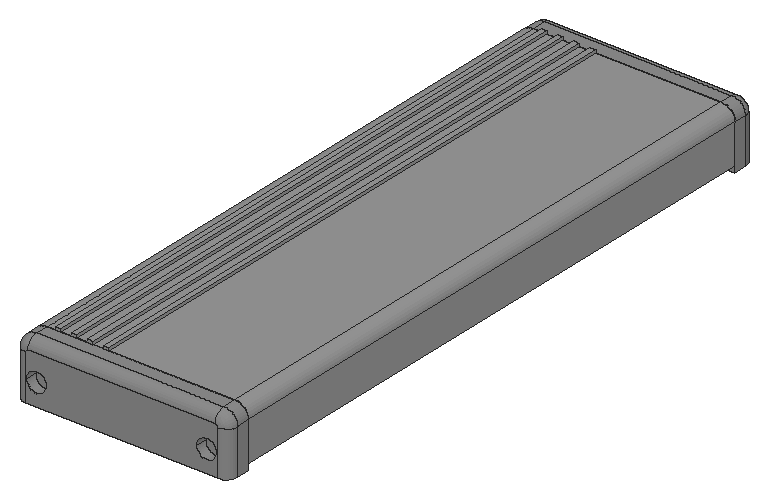
Revit family "JC KONTAKTER JCK207 DE", category Specialty Equipment, host Face, Revit 2025
Family settings
  Host = Face
  Round Connector Dimension = Use Diameter
  Part Type = Normal
  Enable Cutting in Views = Yes
  Cut with Voids When Loaded = No
  Maintain Annotation Orientation = Yes
  Shared = No
  Room Calculation Point = No
Parameters (values of type "JCK207")
  URL = "https://grossflaechentaster.de/produkt/grossflachentaster-metall/grossflachentaster-jck207/"
  Technisches Produktblatt = "https://grossflaechentaster.de/wp-content/uploads/sites/3/Technisches-Produktdatenblatt-_JCK207_DE.pdf"
  Produktgewicht = "0.305 kg."
  Nomineller nennstrom = "12 V - Resistive 6A Inductive L/R 5ms 6A, 24 V - Resistive 6A Inductive L/R 5ms 5A"
  Model = "JCK207"
  Mikroschalter = "Standard NO IP67"
  Manufacturer = "JC kontakter"
  Kern = Aluminum 6060-T6
  Herstellungsland = "Schweden"
  Geringster nennstrom = "1mA/4 V DC"
  Endkappen = POM kunststoff (polyacetal)
  Description = "Ellenbogentaster aus silbereloxiertem Aluminium mit schwarzen Kunststoff-Endkappen. Die vier Tastlinien auf der Tastfläche zeigen an, wo der Taster zum Aktivieren der Türöffnung gedrückt werden muss. Mit einem feuchtigkeitsgeschützten Mikroschalter der IP-Klasse 67 ausgestattet. Für den Einsatz in Innen- und Außenbereichen geeignet."
  Default Elevation = 800 mm
  Deckel = Aluminum 6060-T6
  CE-kennzeichnung = "https://jckontakter.se/wp-content/uploads/CE_Dokument.pdf"
  Anzahl der mikroschalter = 1
Reference planes
  plane 1 "Center (Front/Back)": y = 0
  plane 2: z = 0
  plane 3 "Center (Left/Right)": x = 0
  plane 4 "A": y = -122.5
Lines and regions (mm)
  symbolic lines
    curve 1: line (-50, 0, 50) -> (50, 0, 50)
    curve 2: line (-50, 0, 0) -> (-50, 0, 50)
    curve 3: line (50, 0, 0) -> (-50, 0, 0)
    curve 4: line (50, 0, 50) -> (50, 0, 0)
    curve 5: line (-40, 122.5, 0) -> (40, 122.5, 0)
    curve 6: line (-40, -122.5, 0) -> (-40, 122.5, 0)
    curve 7: line (40, -122.5, 0) -> (-40, -122.5, 0)
    curve 8: line (40, 122.5, 0) -> (40, -122.5, 0)
Text (mm)
  text "Entfernen Sie diesen Text vor der Verwendung.\n\nPlatzierungsanweisungen:\n\n1. In das Projekt laden.\n2. Bewegen Sie den Mauszeiger über die Fläche, auf der die Familie platziert werden soll.\n3. Wenn die Familie gedreht angezeigt wird, aktivieren Sie die Option „Nach Platzierung drehen.\n4. Klicken Sie auf die gewünschte Fläche.\n5. Geben Sie den gewünschten Winkel ein.\n6. Drücken Sie die Eingabetaste." at (123.173, 1072.34, 0), in view "Ref. Level"
Dimensions and locks
  aligned and locked: plane 2 to host face
  aligned and locked: level to host face
Nested families
  nested 1: "AK_207" at (0, -122.5, 0) x (1, 0, 0) z (0, 1, 0), type "AK_207"
Definition of nested family "AK_207"
  Parameters (values of type "AK_207")
    Default Elevation = 1219.2 mm
    Core Finish = none
    URL = "https://jckontakter.se/produkt/armbagskontakter-metall/armbagskontakt-i-aluminium-jck207/"
    Model = "JCK207"  # constant formula
    Manufacturer = "JC Kontakter"  # constant formula
    Lid Finish = none
    End Cap Finish = none
    Description = "JCK207 tillhör en serie armbågskontakter som har en plan tryckyta med fyra taktila rillor i. Rillorna fungerar som extra vägledning för personer med synnedsättning. Man kan enkelt känna sig till vart man ska trycka för att aktivera dörröppning. JCK207 är tillverkad i silvereloxerad aluminium och har mörkgrå endcaps. Den levereras med 1st mikrobrytare i IP67."  # constant formula
  Types (2): name
    AK_207
    AK 207
  Reference planes
    plane 1 "Center (Front/Back)": y = 0
    plane 2: z = 0
    plane 3 "Center (Left/Right)": x = 0
    plane 4 "1": x = 40
    plane 5 "A": z = 9
    plane 6 "B": z = 236
  Forms (mm)
    Extrusion 1, solid, material <- "Core Finish", detail levels medium+fine
      sketch origin (40, 0, 9) x (1, 0, 0) y (0, 1, 0)
        loop
          line (-80, 0) -> (-80, -1.2) -> (-75, -1.2) -> (-75, -8.75) -> (-73.2, -8.75) -> (-73.2, -1.2) -> (-11.2, -1.2) -> (-11.2, -8.75) -> (-2.249, -8.75)
          arc (-2.249, -8.75) -> (-3.331, -3.54) -> (-8.11, -1.2) r 6.05
          line (-8.11, -1.2) -> (-5.54, -1.2) -> (-5.54, 0) -> (-80, 0)
      from 0 to 227
    Extrusion 2, solid, material <- "Lid Finish", detail levels medium+fine
      sketch origin (-40, 0, 9) x (-1, 0, 0) y (0, -1, 0)
        loop
          line (-3.92, 11.41) -> (-0.92, 6.4) -> (0, 6.4) -> (0, 16.83)
          arc (0, 16.83) -> (-1.464, 20.366) -> (-5, 21.83) r 5
          line (-5, 21.83) -> (-8, 21.83) -> (-8, 22.83) -> (-10, 22.83) -> (-10, 21.83) -> (-14, 21.83) -> (-14, 22.83) -> (-16, 22.83) -> (-16, 21.83) -> (-20, 21.83) -> (-20, 22.83) -> (-22, 22.83) -> (-22, 21.83) -> (-26, 21.83) -> (-26, 22.83) -> (-28, 22.83) -> (-28, 21.83) -> (-75, 21.83)
          arc (-75, 21.83) -> (-78.536, 20.366) -> (-80, 16.83) r 5
          line (-80, 16.83) -> (-80, 2.38) -> (-78.4, 2.38) -> (-78.4, 11.41) -> (-3.92, 11.41)
      from 0 to 227
    Extrusion 3, solid, material <- "End Cap Finish", detail levels medium+fine
      sketch origin (-40, 0, 0) x (1, 0, 0) y (0, 1, 0)
        loop
          arc (0, -16.83) -> (1.464, -20.366) -> (5, -21.83) r 5
          line (5, -21.83) -> (75, -21.83)
          arc (75, -21.83) -> (78.536, -20.366) -> (80, -16.83) r 5
          line (80, -16.83) -> (80, 0) -> (0, 0) -> (0, -16.83)
      from 0 to 9
    Sweep 4, void
      path origin (0, 0, 0) x (1, 0, 0) y (0, 1, 0)
        loop
          line (42, 0) -> (42, -16.83)
          arc (42, -16.83) -> (39.95, -21.78) -> (35, -23.83) r 7
          line (35, -23.83) -> (-35, -23.83)
          arc (-35, -23.83) -> (-39.95, -21.78) -> (-42, -16.83) r 7
          line (-42, -16.83) -> (-42, 0)
      profile origin (0, -23.83, 0) x (0, -1, 0) y (0, 0, 1)
        loop
          line (-1, 4) -> (-2, 4)
          arc (-2, 4) -> (-3.172, 1.172) -> (-6, 0) r 4
          line (-6, 0) -> (-6, -1) -> (-1, -1) -> (-1, 4)
    Extrusion 5, solid, material <- "End Cap Finish", detail levels medium+fine
      sketch origin (0, 0, 236) x (-1, 0, 0) y (0, -1, 0)
        loop
          arc (40, 16.83) -> (38.536, 20.366) -> (35, 21.83) r 5
          line (35, 21.83) -> (-35, 21.83)
          arc (-35, 21.83) -> (-38.536, 20.366) -> (-40, 16.83) r 5
          line (-40, 16.83) -> (-40, 0) -> (40, 0) -> (40, 16.83)
      from 0 to 9
    Sweep 6, void
      path origin (0, 0, 236) x (-1, 0, 0) y (0, -1, 0)
        loop
          line (-42, 0) -> (-42, 16.83)
          arc (-42, 16.83) -> (-39.95, 21.78) -> (-35, 23.83) r 7
          line (-35, 23.83) -> (35, 23.83)
          arc (35, 23.83) -> (39.95, 21.78) -> (42, 16.83) r 7
          line (42, 16.83) -> (42, 0)
      profile origin (0, -23.83, 236) x (0, -1, 0) y (0, 0, 1)
        loop
          line (-1, 5) -> (-1, 10) -> (-6, 10) -> (-6, 9)
          arc (-6, 9) -> (-3.172, 7.828) -> (-2, 5) r 4
          line (-2, 5) -> (-1, 5)
    Extrusion 7, void
      sketch origin (0, 0, 0) x (1, 0, 0) y (0, 1, 0)
        loop
          circle (-31.75, -8.25) r 3.75
        loop
          circle (31.75, -8.25) r 3.75
      from 0 to 4
  Cuts and joins
    Sweep 4, Sweep 6, Extrusion 7 cuts Extrusion 3
    Sweep 6 cuts Extrusion 5
  Dimensions and locks
    aligned and locked: level to plane 2
